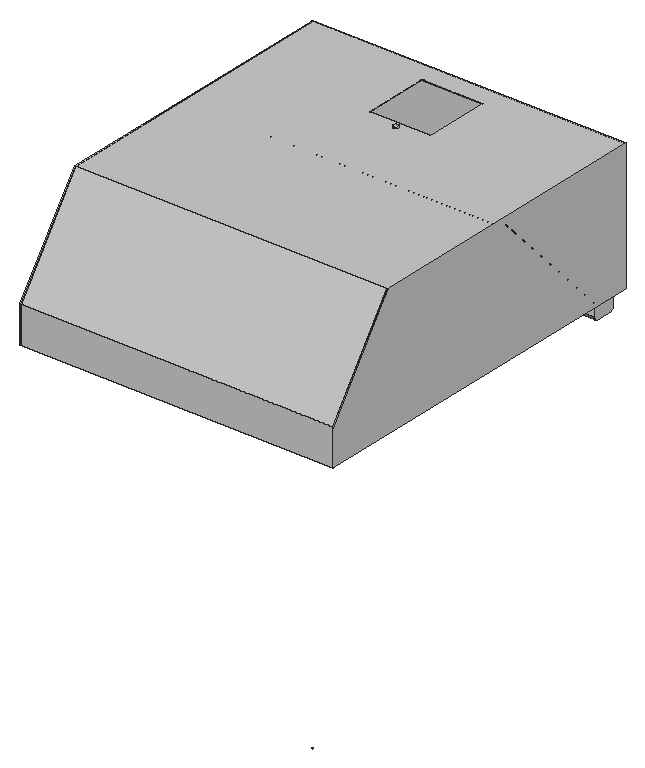
Revit family "QF_ELECTROLUXPROFESSIONAL_644228_ABPV1412BT", category Specialty Equipment, Revit 2014
Reference planes
  plane 1: z = 0
  plane 2 "Center (Left/Right)": x = 150
  plane 3 "LEFT": x = -450
  plane 4 "RIGHT": x = 750
  plane 5 "BACK": y = 550
  plane 6 "TOP": z = 2500
  plane 7 "Base": z = 2000
  plane 8: z = 1926
  plane 9 "DrainY": y = 485
  plane 10: x = -447
  plane 11: through (0, 414.509, 2000.8) normal (0, 0.7314, 0.682)
  plane 12: y = 470
  plane 13: y = 220
  plane 14 "DrainX": x = 630
  plane 15: x = 33.5
  plane 16: x = 266.5
  plane 17: x = 747
  plane 18: x = 540
  plane 19: x = 720
  plane 20: x = -410
  plane 21: x = 710
  plane 22: x = -47.5
  plane 23: x = 347.5
  plane 24: z = 2140.01
  plane 25: y = 200
  plane 26 "Center (Front/Back)": y = -150
  plane 27 "Front": y = -850
  plane 28: y = -590
Forms (mm)
  Extrusion 1, solid, material "QF_Finishes_Stainless Steel"
    sketch origin (-450, 0, 360) x (0, 1, 0) y (0, 0, 1)
      loop
        line (550, 1640) -> (550, 2140) -> (-590, 2140) -> (-850, 1780.01) -> (-850, 1640) -> (550, 1640)
    from 0 to 3
  Extrusion 2, solid, material "QF_Finishes_Stainless Steel"
    sketch origin (150, 0, 360) x (0, 1, 0) y (0, 0, 1)
      loop
        line (415.255, 1640) -> (550, 1640) -> (550, 2139.19) -> (549.2, 2139.19) -> (549.2, 1640.8) -> (415.876, 1640.8) -> (339.347, 1722.867) -> (349.609, 1732.436) -> (348.927, 1733.167) -> (337.934, 1722.917) -> (415.255, 1640)
      loop
        line (-82.203, 2139.19) -> (-82.203, 2118.6) -> (-31.047, 2118.6) -> (34.354, 2048.466) -> (46.028, 2059.352) -> (45.346, 2060.083) -> (34.403, 2049.879) -> (-30.612, 2119.6) -> (-81.203, 2119.6) -> (-81.203, 2139.19) -> (-82.203, 2139.19)
    from -597 to 597
  Extrusion 3, solid, material "QF_Finishes_Stainless Steel"
    sketch origin (750, 0, 360) x (0, 1, 0) y (0, 0, 1)
      loop
        line (550, 1640) -> (550, 2140) -> (-590, 2140) -> (-850, 1780.01) -> (-850, 1640) -> (550, 1640)
    from 0 to -3
  Extrusion 4, solid, material "QF_Finishes_Stainless Steel"
    sketch origin (150, 0, 360) x (0, 1, 0) y (0, 0, 1)
      loop
        line (-850, 1780.01) -> (-850, 1640) -> (-849.2, 1640) -> (-849.2, 1779.751) -> (-589.598, 2139.19) -> (550, 2139.19) -> (550, 2140) -> (-590, 2140) -> (-850, 1780.01)
    from -600 to 600
  Extrusion 5, solid, material "QF_Finishes_Stainless Steel"
    sketch origin (150, 0, 360) x (0, 1, 0) y (0, 0, 1)
      loop
        line (534, 1640) -> (436, 1640) -> (436, 1627) -> (443.5, 1627) -> (443.5, 1576)
        arc (443.5, 1576) -> (446.429, 1568.929) -> (453.5, 1566) r 10
        line (453.5, 1566) -> (516.5, 1566)
        arc (516.5, 1566) -> (523.571, 1568.929) -> (526.5, 1576) r 10
        line (526.5, 1576) -> (526.5, 1627) -> (534, 1627) -> (534, 1640)
    from 390 to 570
  Extrusion 6, solid, material "QF_Finishes_Stainless Steel"
    sketch origin (0, 0, 2000) x (0, 1, 0) y (-1, 0, 0)
      loop
        circle (485, -630) r 20
    from -76 to -74
  Extrusion 7, solid, material "QF_Finished_Chrome"
    sketch origin (150, 0, 360) x (0, 1, 0) y (0, 0, 1)
      loop
        line (337.934, 1722.917) -> (341.591, 1726.327) -> (38.011, 2051.876) -> (34.354, 2048.466) -> (337.934, 1722.917)
    from -197.5 to -560
  Extrusion 8, solid, material "QF_Finishes_Stainless Steel"
    sketch origin (150, 0, 360) x (0, 1, 0) y (0, 0, 1)
      loop
        line (337.934, 1722.917) -> (341.591, 1726.327) -> (38.011, 2051.876) -> (34.354, 2048.466) -> (337.934, 1722.917)
    from 597 to 560
  Extrusion 9, solid, material "QF_Finished_Chrome"
    sketch origin (150, 0, 360) x (0, 1, 0) y (0, 0, 1)
      loop
        line (341.588, 1726.324) -> (38.009, 2051.874) -> (34.354, 2048.466) -> (337.934, 1722.917) -> (341.588, 1726.324)
    from 197.5 to 560
  Extrusion 10, void
    sketch origin (0, 0, 2500) x (0, 1, 0) y (-1, 0, 0)
      loop
        line (470, -266.5) -> (470, -33.5) -> (220, -33.5) -> (220, -266.5) -> (470, -266.5)
    from 0 to -10
  Extrusion 11, solid, material "QF_Finishes_Stainless Steel"
    sketch origin (0, 0, 0) x (1, 0, 0) y (0, 1, 0)
      loop
        line (-450, 550) -> (-450, 549) -> (-449, 549) -> (-449, 550) -> (-450, 550)
    from 0 to 1
  Extrusion 12, solid, material "QF_Finishes_Stainless Steel"
    sketch origin (150, 0, 360) x (0, 1, 0) y (0, 0, 1)
      loop
        line (337.934, 1722.917) -> (341.591, 1726.327) -> (38.011, 2051.876) -> (34.354, 2048.466) -> (337.934, 1722.917)
    from -560 to -597
  Extrusion 13, solid, material "QF_Finishes_Stainless Steel"
    sketch origin (150, 0, 360) x (0, 1, 0) y (0, 0, 1)
      loop
        line (337.934, 1722.917) -> (341.591, 1726.327) -> (38.011, 2051.876) -> (34.354, 2048.466) -> (337.934, 1722.917)
    from 197.5 to -197.5
  Extrusion 14, solid, material "QF_Finishes_Stainless Steel"
    sketch origin (0, 0, 2500) x (0, 1, 0) y (-1, 0, 0)
      loop
        circle (200, -150) r 10
    from 0 to 1.6
Cuts and joins
  Extrusion 10 cuts Extrusion 4
  joined: Extrusion 2, Extrusion 4
Lines and regions (mm)
  reference lines
    curve 1: line (150, 34.354, 2408.466) -> (150, 34.354, 2248.466)
  symbolic lines, style "SpecialityEquipment", detail levels coarse
    curve 2: line (750, 550, 2500) -> (-450, 550, 2500)
    curve 3: line (-450, 550, 2500) -> (-450, -850, 2500)
    curve 4: line (750, -850, 2500) -> (750, 550, 2500)
    curve 5: line (-450, -850, 2500) -> (750, -850, 2500)
    curve 6: line (266.5, 220, 2500) -> (33.5, 220, 2500)
    curve 7: line (266.5, 470, 2500) -> (266.5, 220, 2500)
    curve 8: line (33.5, 470, 2500) -> (266.5, 470, 2500)
    curve 9: line (33.5, 220, 2500) -> (33.5, 470, 2500)
    curve 10: line (-450.423, -590, 0) -> (750, -590, 0)
    curve 11: line (-450, 550, 0) -> (750, -590, 0)
    curve 12: line (-450.423, -590, 0) -> (750, 550, 0)
Dimensions and locks
  plane 3 "LEFT" to plane 4 "RIGHT" = 1200 mm
  equal spacing: plane 3 "LEFT", plane 2 "Center (Left/Right)", plane 4 "RIGHT"
  locked: plane 6 "TOP" to plane 7 "Base" at 500
  plane 7 "Base" to plane 8 = 74 mm
  plane 5 "BACK" to plane 9 "DrainY" = 65 mm  (x2)
  plane 3 "LEFT" to plane 10 = 3 mm
  plane 5 "BACK" to plane 12 = 80 mm
  plane 12 to plane 13 = 250 mm  (x2)
  plane 14 "DrainX" to plane 4 "RIGHT" = 120 mm
  plane 17 to plane 4 "RIGHT" = 3 mm
  locked: plane 18 to plane 14 "DrainX" at 90
  locked: plane 14 "DrainX" to plane 19 at 90
  plane 12 to plane 5 "BACK" = 80 mm
  locked: plane 3 "LEFT" to plane 20 at 40
  locked: plane 21 to plane 4 "RIGHT" at 40
  locked: plane 22 to plane 23 at 395
  equal spacing: plane 22, plane 2 "Center (Left/Right)", plane 23
  locked: plane 15 to plane 16 at 233
  equal spacing: plane 15, plane 2 "Center (Left/Right)", plane 16
  plane 7 "Base" to level = 2000 mm
  plane 24 to plane 7 "Base" = 140.01 mm
  plane 13 to plane 25 = 20 mm
  plane 5 "BACK" to plane 27 "Front" = 1400 mm  (x2)
  equal spacing: plane 5 "BACK", plane 26 "Center (Front/Back)", plane 27 "Front"
  plane 28 to plane 27 "Front" = 260 mm
  aligned and locked: level to plane 1
  aligned and locked: Extrusion 2 to Extrusion 1
  aligned and locked: Extrusion 2 to Extrusion 3
  aligned and locked: plane 4 "RIGHT" to Extrusion 4
  aligned and locked: Extrusion 4 to plane 3 "LEFT"
  aligned and locked: plane 17 to Extrusion 8
  aligned and locked: Extrusion 10 to plane 15
  aligned and locked: Extrusion 10 to plane 13
  aligned and locked: Extrusion 10 to plane 12
  aligned and locked: Extrusion 2 to Extrusion 4
  aligned and locked: plane 19 to Extrusion 5
  aligned and locked: Extrusion 5 to plane 18
  aligned and locked: Extrusion 8 to plane 21
  aligned and locked: Extrusion 9 to plane 21
  aligned and locked: Extrusion 7 to plane 20
  aligned and locked: Extrusion 12 to plane 10
  aligned and locked: plane 20 to Extrusion 12
  aligned and locked: Extrusion 3 to plane 17
  aligned and locked: Extrusion 10 to plane 16
  aligned and locked: plane 16 to curve 7
  aligned and locked: plane 23 to Extrusion 13
  aligned and locked: Extrusion 13 to plane 22
  aligned and locked: Extrusion 9 to plane 23
Automatic sketch dimensions
  curve 5 to plane 4 "RIGHT" = 0 mm
  curve 6 to plane 13 = 0 mm
  plane 12 to curve 8 = 0 mm
  curve 3 to plane 3 "LEFT" = 0 mm
  curve 3 to plane 5 "BACK" = 0 mm
  curve 6 to plane 15 = 0 mm
  Extrusion 2 sketch curve to plane 11 = 0 mm  (x3)
  Extrusion 2 sketch curve to plane 7 "Base" = 0 mm
  plane 11 to Extrusion 2 sketch curve = 0 mm
  Extrusion 2 sketch curve to plane 5 "BACK" = 0 mm
  Extrusion 2 sketch curve to Extrusion 2 sketch curve = 65.646 mm
  Extrusion 2 sketch curve to Extrusion 2 sketch curve = 0.682 mm  (x2)
  Extrusion 2 sketch curve to Extrusion 2 sketch curve = 10.261 mm
  plane 7 "Base" to Extrusion 2 sketch curve = 82.917 mm
  Extrusion 2 sketch curve to Extrusion 2 sketch curve = 10.942 mm
  Extrusion 2 sketch curve to Extrusion 2 sketch curve = 0.049 mm
  Extrusion 2 sketch curve to plane 6 "TOP" = 20.4 mm
  Extrusion 2 sketch curve to plane 6 "TOP" = 21.4 mm
  Extrusion 2 sketch curve to plane 6 "TOP" = 0.81 mm  (x2)
  Extrusion 2 sketch curve to Extrusion 2 sketch curve = 50.156 mm
  Extrusion 2 sketch curve to Extrusion 2 sketch curve = 1 mm
  plane 7 "Base" to Extrusion 2 sketch curve = 0.8 mm
  Extrusion 2 sketch curve to plane 5 "BACK" = 0.8 mm
  curve 1 to plane 11 = 0 mm
  Extrusion 5 sketch curve to plane 7 "Base" = 0 mm
  Extrusion 5 sketch curve to plane 8 = 0 mm
  Extrusion 5 sketch curve to plane 7 "Base" = 13 mm  (x2)
  plane 12 to Extrusion 5 sketch curve = 34 mm
  Extrusion 5 sketch curve to Extrusion 5 sketch curve = 7.5 mm  (x2)
  Extrusion 5 sketch curve to Extrusion 5 sketch curve = 10 mm
  plane 9 "DrainY" to Extrusion 5 sketch curve = 31.5 mm
  Extrusion 5 sketch curve to plane 5 "BACK" = 23.5 mm
  Extrusion 6 sketch curve to plane 9 "DrainY" = 0 mm
  Extrusion 6 sketch curve to plane 14 "DrainX" = 0 mm
  Extrusion 7 sketch curve to plane 11 = 0 mm  (x2)
  Extrusion 7 sketch curve to Extrusion 7 sketch curve = 3.657 mm
  plane 7 "Base" to Extrusion 7 sketch curve = 82.917 mm
  Extrusion 8 sketch curve to plane 11 = 0 mm  (x2)
  Extrusion 8 sketch curve to Extrusion 8 sketch curve = 3.657 mm
  plane 7 "Base" to Extrusion 8 sketch curve = 82.917 mm
  Extrusion 9 sketch curve to plane 11 = 0 mm  (x2)
  Extrusion 9 sketch curve to Extrusion 9 sketch curve = 3.655 mm
  plane 7 "Base" to Extrusion 9 sketch curve = 82.917 mm
  Extrusion 10 sketch curve to plane 13 = 0 mm
  plane 12 to Extrusion 10 sketch curve = 0 mm
  Extrusion 10 sketch curve to plane 16 = 0 mm
  Extrusion 10 sketch curve to plane 15 = 0 mm
  Extrusion 11 sketch curve to plane 3 "LEFT" = 0 mm
  Extrusion 11 sketch curve to plane 5 "BACK" = 0 mm
  plane 3 "LEFT" to Extrusion 11 sketch curve = 1 mm
  Extrusion 11 sketch curve to Extrusion 11 sketch curve = 1 mm
  Extrusion 12 sketch curve to plane 11 = 0 mm  (x2)
  Extrusion 12 sketch curve to Extrusion 12 sketch curve = 3.657 mm
  plane 7 "Base" to Extrusion 12 sketch curve = 82.917 mm
  Extrusion 13 sketch curve to plane 11 = 0 mm  (x2)
  Extrusion 13 sketch curve to Extrusion 13 sketch curve = 3.657 mm
  plane 7 "Base" to Extrusion 13 sketch curve = 82.917 mm
  Extrusion 4 sketch curve to plane 7 "Base" = 0 mm
  Extrusion 4 sketch curve to plane 6 "TOP" = 0 mm
  Extrusion 4 sketch curve to plane 5 "BACK" = 0 mm
  Extrusion 4 sketch curve to Extrusion 4 sketch curve = 0.8 mm
  plane 7 "Base" to Extrusion 4 sketch curve = 140.01 mm
  Extrusion 4 sketch curve to Extrusion 4 sketch curve = 0.81 mm
  Extrusion 4 sketch curve to Extrusion 4 sketch curve = 0.259 mm
  Extrusion 4 sketch curve to Extrusion 4 sketch curve = 0.402 mm
  Extrusion 3 sketch curve to plane 6 "TOP" = 0 mm
  Extrusion 3 sketch curve to plane 5 "BACK" = 0 mm
  Extrusion 3 sketch curve to plane 7 "Base" = 0 mm
  plane 7 "Base" to Extrusion 3 sketch curve = 140.01 mm
  Extrusion 1 sketch curve to plane 6 "TOP" = 0 mm
  Extrusion 1 sketch curve to plane 5 "BACK" = 0 mm
  Extrusion 1 sketch curve to plane 7 "Base" = 0 mm
  plane 7 "Base" to Extrusion 1 sketch curve = 140.01 mm
  curve 1 to curve 1 = 160 mm
  Extrusion 14 sketch curve to plane 2 "Center (Left/Right)" = 0 mm
  Extrusion 14 sketch curve to plane 25 = 0 mm
  Extrusion 1 sketch curve to Extrusion 1 sketch curve = 260 mm
  Extrusion 3 sketch curve to Extrusion 3 sketch curve = 260 mm
  Extrusion 4 sketch curve to Extrusion 4 sketch curve = 259.602 mm
  curve 5 to plane 25 = 1050 mm
  Extrusion 1 sketch curve to plane 25 = 790 mm
  Extrusion 2 sketch curve to plane 6 "TOP" = 91.534 mm
  Extrusion 3 sketch curve to plane 25 = 790 mm
  Extrusion 4 sketch curve to plane 25 = 789.598 mm
  plane 24 to curve 1 = 108.456 mm
  Extrusion 7 sketch curve to plane 6 "TOP" = 88.124 mm
  Extrusion 8 sketch curve to plane 6 "TOP" = 88.124 mm
  Extrusion 9 sketch curve to plane 6 "TOP" = 88.126 mm
  Extrusion 12 sketch curve to plane 6 "TOP" = 88.124 mm
  Extrusion 13 sketch curve to plane 6 "TOP" = 88.124 mm
  curve 11 to plane 3 "LEFT" = 0 mm
  curve 10 to plane 3 "LEFT" = 0.423 mm
  curve 12 to plane 4 "RIGHT" = 0 mm
  curve 10 to plane 4 "RIGHT" = 0 mm
  curve 12 to plane 5 "BACK" = 0 mm
  curve 11 to plane 5 "BACK" = 0 mm
  plane 27 "Front" to curve 11 = 260 mm
  radius of Extrusion 6 sketch curve = 20 mm
  radius of Extrusion 14 sketch curve = 10 mm
Connectors
  piping at (630, 485, 1924), diameter 20
    settings: on Extrusion 6, index 1, connector inside diameter 609.6 mm, connector length 0 mm, flow factor 0, pipe flow 0.0 L/s, pressure drop 0.0 Pa, fitting loss kfactor 0, connector angle 0.00°, fixture units 0, engagement length 0 mm, angle of deflection 0.00°, flow configuration 1, flow direction 2, fitting loss method 0, system type 16, joint type 0, gender type 0, connector reference index -1, connector utility 0, adjustable connector no, is connector primary yes, connector description "Drain"
  hvac at (150, 345, 2500)
    settings: on Extrusion 10, index 2, duct flow 0.0 L/s, flow factor 0, pres drop 0.0 Pa, loss coef 0, conn angle 0.00°, conn width 250 mm, conn height 233 mm, conn diameter 609.6 mm, duct sys type 3, conn prof type 1, flow config 0, flow direction 2, loss method 0, conn ref index -1, conn util no, is conn primary yes, conn desc "EXHAUST OUTLET"
  electrical at (150, 200, 2501.6)
    settings: on Extrusion 14, index 3, voltage 0 V, apparent load 0 VA, apparent load phase1 0 VA, apparent load phase2 0 VA, apparent load phase3 0 VA, power factor 1, load classification "Other", number of poles 1, system type 30, power factor state 1, is connector primary yes, connector utility no, sub classification motor no, connector description "Electrical Connection"
